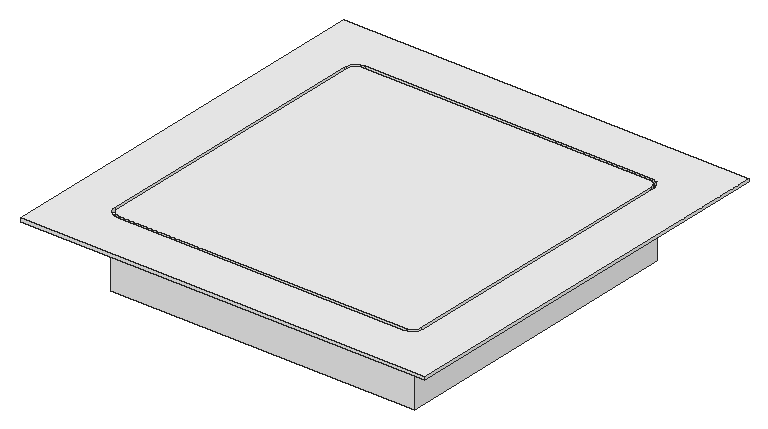
Revit family "Access_Door-Acudor-Universal_Flush-UF-5500_Series", category Specialty Equipment, host Face, Revit 2014
Parameters (values of type "UF-5500 6x6")
  Width = 6"
  URL = "http://acudor.com/"
  Torx Cam Latch = no
  Spanner Head Cam Latch = no
  Single Latch Visibility = not(Array Visibility)  # no
  Rim Cylinder Lock = no
  Product Page URL = "https://acudor.com/products/flush-acces-doors/uf-5500"
  Product Documentation Link = "https://acudor.com/images/acudor/accessdoors/flush/UF5500/UF5500_PS.pdf"
  Mortise Cylinder Lock (Prepare for/or Installed) = no
  Model = "UF-5500 6x6"
  Material = "Galvanized Steel-Baked White Polyester Powder Coat"  # constant formula
  Manufacturer = "Acudor"
  Length = 1 5/16"  # constant formula
  Latch Spacing = if(Height < 6 1/2", Height / 2, if(Height < 8 1/2", Height / 2, if(Height < 12 1/2", Height / 2, if(Height < 15 1/2", Height / 2, if(Height < 18 1/2", Height / 2, Height / 2)))))  # 3"
  Latch Count = if(Height < 6 1/2", 2, if(Height < 8 1/2", 2, if(Height < 12 1/2", 2, if(Height < 15 1/2", 2, if(Height < 18 1/2", 2, 2)))))  # 2
  Installation Type = "Wall Mounted"  # constant formula
  Height = 6"
  First Offset = Latch Spacing / 2  # 1 1/2"
  Finish = Galvanized Steel-Baked White Polyester Powder Coat
  Description = "Universal Flush Access Door"
  Default Elevation = 48"
  Cylinder Lock = no
  Assembly Code = "C1020700"
  Array Visibility = or(Height < 7", Height > 23")  # yes
  Allen Head Cam Latch = no
Types (7): name | Width | Single Latch Visibility | Model | Latch Spacing | Height | First Offset | Array Visibility
  (no name) | 6" | no | "UF-5500 6x6" | 3" | 6" | 1 1/2" | yes
  UF-5500 6x6 | 6" | no | "UF-5500 6x6" | 3" | 6" | 1 1/2" | yes
  UF-5500 8x8 | 8" | yes | "UF-5500 8x8" | 4" | 8" | 2" | no
  UF-5500 12x12 | 12" | yes | "UF-5500 12x12" | 6" | 12" | 3" | no
  UF-5500 24x24 | 24" | no | "UF-5500 24x24" | 12" | 24" | 6" | yes
  UF-5500 18x18 | 18" | yes | "UF-5500 18x18" | 9" | 18" | 4 1/2" | no
  UF-5500 15x15 | 15" | yes | "UF-5500 15x15" | 7 1/2" | 15" | 3 3/4" | no
Reference planes (in)
  plane 1 "Center (Front/Back)": y = 0
  plane 2: z = 0
  plane 3 "Center (Left/Right)": x = 0
  plane 4: y = 4
  plane 5: y = -4
  plane 6: x = 4
  plane 7: x = -4
  plane 8: y = 3
  plane 9: y = -3
  plane 10: x = 3
  plane 11: x = -3
  plane 12: z = 0.0625
  plane 13: z = -1.3125
  plane 14: x = 2
  plane 15: y = 1.5
  plane 16: y = -2
Forms (in)
  Extrusion 1, void
    sketch origin (0, 0, 0) x (1, 0, 0) y (0, 1, 0)
      loop
        line (-3, 3) -> (-3, -3) -> (3, -3) -> (3, 3) -> (-3, 3)
    from -1.3125 to 0.0625
  Extrusion 2, solid, material "Galvanized Steel-Baked White Polyester Powder Coat" <- "Finish"
    sketch origin (0, 0, 0) x (1, 0, 0) y (0, 1, 0)
      loop
        line (-4, 4) -> (-4, -4) -> (4, -4) -> (4, 4) -> (-4, 4)
      loop
        arc (-2.83454, 3) -> (-2.95154, 2.95154) -> (-3, 2.83454) r 0.16546
        line (-3, 2.83454) -> (-3, -2.83594)
        arc (-3, -2.83594) -> (-2.95195, -2.95195) -> (-2.83594, -3) r 0.16406
        line (-2.83594, -3) -> (2.83594, -3)
        arc (2.83594, -3) -> (2.95195, -2.95195) -> (3, -2.83594) r 0.16406
        line (3, -2.83594) -> (3, 2.83594)
        arc (3, 2.83594) -> (2.95195, 2.95195) -> (2.83594, 3) r 0.16406
        line (2.83594, 3) -> (-2.83454, 3)
      loop
        arc (-3.0625, -2.83594) -> (-2.99614, -2.99614) -> (-2.83594, -3.0625) r 0.22656
        line (-2.83594, -3.0625) -> (2.83594, -3.0625)
        arc (2.83594, -3.0625) -> (2.99614, -2.99614) -> (3.0625, -2.83594) r 0.22656
        line (3.0625, -2.83594) -> (3.0625, 2.83594)
        arc (3.0625, 2.83594) -> (2.99614, 2.99614) -> (2.83594, 3.0625) r 0.22656
        line (2.83594, 3.0625) -> (-2.83454, 3.0625)
        arc (-2.83454, 3.0625) -> (-2.99573, 2.99573) -> (-3.0625, 2.83454) r 0.22796
        line (-3.0625, 2.83454) -> (-3.0625, -2.83594)
    from 0 to 0.0625
  Extrusion 3, solid, material "Galvanized Steel-Baked White Polyester Powder Coat" <- "Finish"
    sketch origin (0, 0, 0) x (1, 0, 0) y (0, 1, 0)
      loop
        line (-3, 3) -> (-3, -3) -> (3, -3) -> (3, 3) -> (-3, 3)
    from -1.3125 to 0
Lines and regions (in)
  Masking region 1
    outline origin (0, 0, 0) x (1, 0, 0) y (0, 0, 1)
      loop
        line (4, 0.0625) -> (-4, 0.0625) -> (-4, 0) -> (-3, 0) -> (-3, -1.3125) -> (3, -1.3125) -> (3, 0) -> (4, 0) -> (4, 0.0625)
  symbolic lines, detail levels medium+fine
    curve 1: line (3, 0, 0) -> (-3, 0, 0)
Dimensions and locks (in)
  equal spacing: plane 8, plane 1 "Center (Front/Back)", plane 9
  "Height": plane 8 to plane 9
  equal spacing: plane 11, plane 3 "Center (Left/Right)", plane 10
  "Width": plane 11 to plane 10
  locked: plane 4 to plane 8 at 1
  locked: plane 5 to plane 9 at 1
  locked: plane 7 to plane 11 at 1
  locked: plane 10 to plane 6 at 1
  locked: host face to plane 12 at 0.0625
  locked: Extrusion 2 sketch curve to plane 11 at 0.0625
  locked: plane 10 to Extrusion 2 sketch curve at 0.0625
  locked: Extrusion 2 sketch curve to plane 8 at 0.0625
  locked: plane 9 to Extrusion 2 sketch curve at 0.0625
  "Length": plane 13 to level
  locked: plane 14 to plane 10 at 1
  "First Offset": plane 8 to plane 15
  locked: plane 16 to plane 9 at 1
  group 2 to group 1 = 0"
  group 2 to group 1 = 3"
  group 1 to group 2 = 0"
  "Latch Spacing": nested 2 to plane 15
  aligned and locked: plane 2 to host face
  aligned and locked: level to host face
  aligned and locked: Extrusion 2 sketch curve to plane 4
  aligned and locked: Extrusion 2 sketch curve to plane 7
  aligned and locked: Extrusion 2 sketch curve to plane 5
  aligned and locked: Extrusion 2 sketch curve to plane 6
  aligned and locked: Extrusion 2 sketch curve to plane 8
  aligned and locked: Extrusion 2 sketch curve to plane 11
  aligned and locked: plane 10 to Extrusion 2 sketch curve  (x2)
  aligned and locked: plane 9 to Extrusion 2 sketch curve  (x2)
  aligned and locked: plane 11 to Extrusion 2 sketch curve
  aligned and locked: plane 8 to Extrusion 2 sketch curve
  aligned and locked: Extrusion 2 to plane 12
  aligned and locked: Extrusion 3 sketch curve to Extrusion 1  (x3)
  aligned and locked: Extrusion 3 sketch curve to plane 9
  aligned and locked: plane 13 to Extrusion 3
  aligned and locked: level to Extrusion 3
  aligned and locked: plane 13 to Extrusion 1
  aligned and locked: Extrusion 2 to Extrusion 1
  aligned and locked: plane 6 to Masking region 1 sketch curve
  aligned and locked: Masking region 1 sketch curve to plane 12
  aligned and locked: Masking region 1 sketch curve to level  (x2)
  aligned and locked: plane 10 to Masking region 1 sketch curve
  aligned and locked: plane 13 to Masking region 1 sketch curve
  aligned and locked: plane 11 to Masking region 1 sketch curve
  aligned and locked: plane 7 to Masking region 1 sketch curve
  aligned and locked: Masking region 1 to curve 1
  aligned and locked: curve 1 to Masking region 1
  aligned and locked: curve 1 to level
  aligned and locked: plane 14 to nested 1
  aligned and locked: nested 1 to plane 15
  aligned and locked: plane 1 "Center (Front/Back)" to nested 3
  aligned and locked: plane 14 to nested 3
  aligned and locked: nested 2 to nested 1
Automatic sketch dimensions
  host sketch curve to host sketch curve = 96"  (x2)
  plane 9 to Extrusion 1 sketch curve = 0"
  Extrusion 1 sketch curve to plane 11 = 0"
  Extrusion 1 sketch curve to plane 10 = 0"
  Extrusion 1 sketch curve to plane 8 = 0"
  Extrusion 2 sketch curve to plane 11 = 21/128"
  Extrusion 2 sketch curve to plane 11 = 0.16546"
  Extrusion 2 sketch curve to plane 10 = 21/128"
  Extrusion 2 sketch curve to Extrusion 2 sketch curve = 21/128"
  Extrusion 2 sketch curve to Extrusion 2 sketch curve = 0"  (x4)
Nested families (in)
  nested 1: "Family4" at (2, 1.5, 0.0625), visible <- "Array Visibility", type "Must Match "Model" Value"
  nested 2: "Family4" at (2, -1.5, 0.0625), visible <- "Array Visibility", type "Must Match "Model" Value"
  nested 3: "Family4" at (2, 0, 0.0625), visible <- "Single Latch Visibility", type "Must Match "Model" Value"
Definition of nested family "Family4"
  Parameters (values of type "Must Match "Model" Value")
    Width = 0"
    Waste Connection Radius = 0"
    Waste Connection Height = 0"
    Waste Connection Diameter = 0"
    Waste Connection = no
    Warranty Information = ""
    Vent Connection = no
    Shipping Weight = 0.00 kip
    Revised Date = ""
    Product Page URL = ""
    Product Documentation Link = ""
    Price = "Prices may vary. Please consult Manufacturer Representative for most up-to-date price list."  # constant formula
    Material = ""
    Length = 0"
    Installation Type = ""
    IAPMO Compliance = ""
    Hot Water Connection Width = 0"
    Hot Water Connection Radius = 0"
    Hot Water Connection Height = 0"
    Hot Water Connection Diameter = 0"
    Height = 0"
    HW Connection = no
    Flush Rate = ""
    Flow Rate = ""
    Default Elevation = 0"
    Creation Date = ""
    Cold Water Connection Width = 0"
    Cold Water Connection Radius = 0"
    Cold Water Connection Height = 0"
    Cold Water Connection Diameter = Cold Water Connection Radius * 2  # 0"
    CW Connection = no
    Bowl Shape = ""
    Basin Shape = ""
    ADA Compliant = yes
  Reference planes (in)
    plane 1 "Center (Front/Back)": y = 0
    plane 2: z = 0
    plane 3 "Center (Left/Right)": x = 0
  Lines and regions (in)
    model lines
      curve 1: circle (0, 0, 0) r 0.25 normal (0, 0, 1)
      curve 2: line (0, 0.1324, 0) -> (0, -0.1324, 0)
  Dimensions and locks (in)
    equal spacing: curve 2, plane 1 "Center (Front/Back)", curve 2
    locked: curve 2 to curve 2 at 0.26479
